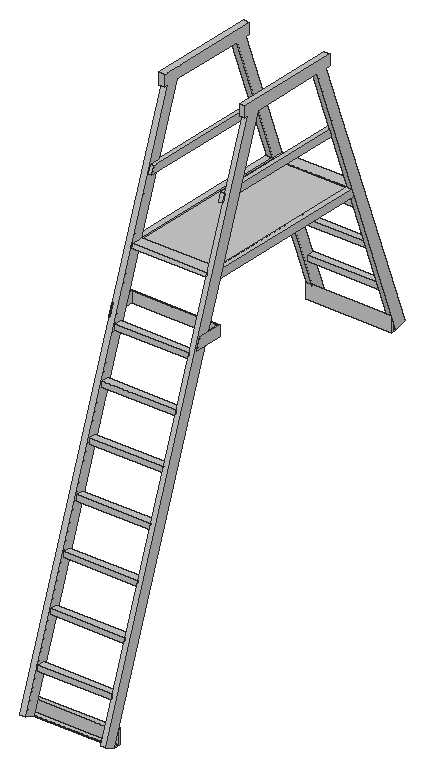
Revit family "Ladder_Mini-Access_FIXFAST_RL22", category Specialty Equipment, Revit 2026
Family settings
  Round Connector Dimension = Use Diameter
  Part Type = Normal
  Classification Number = 23.50.90.21
  Work Plane-Based = Yes
  Enable Cutting in Views = No
  Always vertical = No
  Cut with Voids When Loaded = No
  Maintain Annotation Orientation = No
  Shared = No
  Room Calculation Point = No
Parameters (values of type "RL21.53 Full Ladder")
  singlerungparapet [instance] = rungcountcontrolP < 2  # no
  rungcountcontrold [instance] = Ladder Length Beneath Landing - (rungcountcontrolb * Space Between Rungs)  # -0' - 5.58768"
  rungcountcontrolc [instance] = if(rungcountcontrold < 0' 0", rungcountcontrolb - 2, rungcountcontrol - 1)  # 7
  rungcountcontrolb [instance] = rungcountcontrol  # 9
  rungcountcontrolPd [instance] = Parapet Ladder Length Beneath Landing - (rungcountcontrolPb * Space Between Rungs)  # 0' - 2.60571"
  rungcountcontrolPc [instance] = if(rungcountcontrolPd < 0' 0", rungcountcontrolPb - 2, if(rungcountcontrolP < 2, 2, rungcountcontrolPb))  # 3
  rungcountcontrolPb [instance] = rungcountcontrolP  # 3
  rungcountcontrolP [instance] = Parapet Ladder Length Beneath Landing / Space Between Rungs  # 3.2171
  rungcountcontrol [instance] = Ladder Length Beneath Landing / Space Between Rungs  # 8.5344
  multirungparapet [instance] = not(rungcountcontrolP < 2)  # yes
  cutangle [instance] = 90.00° - Incline Angle  # 20.00°
  basewidthb [instance] = tan(90.00° - Incline Angle) * 0' 3"  # 0' - 1.09191"
  basewidth [instance] = sqrt((0' 3" ^ 2) + (basewidthb ^ 2))  # 0' - 3.19253"
  Warranty Duration (Years) = 0
  Walkway Finish [instance] = Metal - FIXFAST - Mill Aluminum Grating
  Platform Length Control [instance] = if([24in Platform Length], 1' 11 5/8" + 1' 4 5/8", if([48in Platform Length], 3' 11 1/4" + 1' 4 5/8", Ladder Depth from Wall Edge))  # 5' - 3 7/8"
  Parapet Ladder Length Beneath Landing [instance] = sqrt(((Unit Depth - Base Projection) ^ 2) + (Parapet Height ^ 2))  # 3' - 2.60571"
  Parapet Height [instance] = 3' - 0"
  Other Platform Length [instance] = no
  Maximum Size = "Heights up to 53 inches  (4' 5\")"
  Ladder Depth from Wall Edge [instance] = 9' - 0"
  Unit Width = 1' - 8 1/2"
  Unit Weight = 0
  Unit Height [instance] = 8' - 0"
  Unit Depth [instance] = (Height Above Landing - basewidth) / tan(Incline Angle) + Base Projection  # 4' - 1.61186"
  URL = "http://www.fixfastusa.com/"
  Standards Conformance = "OSHA  ;  ANSI"
  Specification = ""
  SpecWizard = ""
  Space Between Rungs = 1' - 0"  # constant formula
  Send Message = "http://www.arcat.com/users.pl?action=UserEmail&company=FIXFAST+USA&coid=48709&rep=114&fax=317-769-5560&mf="
  Sales Information = "http://www.fixfastusa.com/contact-us/"
  Rung Horizontal Spacing [instance] = Space Between Rungs / tan(Incline Angle)  # 0' - 4.36764"
  Revision = "R1_12-2013"
  Product Properties = ""
  Product Data = "http://www.arcat.com/arcatcos/cos48/arc48709.html"
  Overall Width = 1' - 11 1/2"
  Model = "RL21.53"
  Manufacturer Website = "http://www.fixfastusa.com/"
  Manufacturer Phone - Toll Free = ""
  Manufacturer Phone = "317-769-7710"
  Manufacturer Fax = "317-769-5560"
  Manufacturer Address = "6210 S. Indianapolis Rd.  Whitestown, IN 46075"
  Manufacturer = "FIXFAST USA"
  Maintenance Schedule (Months) = 0
  Ladder Length Beneath Landing [instance] = sqrt((Base Projection ^ 2) + (Unit Height ^ 2))  # 8' - 6.41232"
  Keynote = "05510"
  Installation-Fabrication = ""
  Installation Phase = ""
  Incline Angle [instance] = 70.00°
  Height Above Landing = 3' - 5 1/2"
  Green Building-LEED = ""
  Grabrail Height [instance] = 1' - 8"
  Grabrail Depth [instance] = 1' - 8"
  Fixture Finish [instance] = Metal - FIXFAST - Mill Aluminum
  Expected Lifespan (Years) = 0
  Drawn By = "Sumex Design, Inc. / Robert S. Weygant, CSI, CDT, SCIP"
  Description = "FIXFAST KATT Mini Access Vertical Ladder - Parapet Crossover Kit RL21.53"
  Default Elevation = 0' - 0"
  Copyright = "©Arcat Inc."
  Construction Details = ""
  Capacity = "330 lbs for High Frequency Usage"
  Base Projection [instance] = (Unit Height + 0' 2") / tan(Incline Angle)  # 2' - 11.66908"
  Assembly Code = "E1090900"
  48in Platform Length [instance] = yes
  24in Platform Length [instance] = no
Types (3): name | Maximum Size | Model | Description
  RL21.147 Full Ladder | "Heights up to 147 inches  (12' 3\")" | "RL21.147" | "FIXFAST KATT Mini Access Vertical Ladder - Parapet Crossover Kit RL21.147"
  RL21.100 Full Ladder | "Heights up to 100 inches  (8' 4\")" | "RL21.100" | "FIXFAST KATT Mini Access Vertical Ladder - Parapet Crossover Kit RL21.100"
  RL21.53 Full Ladder | "Heights up to 53 inches  (4' 5\")" | "RL21.53" | "FIXFAST KATT Mini Access Vertical Ladder - Parapet Crossover Kit RL21.53"
Reference planes (in)
  plane 1 "Wall Surface": y = 0
  plane 2 "Bottom": z = 0
  plane 3 "Center (Left/Right)": x = 0
  plane 4 "Back": y = 13.94278
  plane 5 "Left": x = -11.75
  plane 6 "Right": x = 11.75
  plane 7 "Top of Ladder": z = 137.5
  plane 8 "Landing": z = 96
  plane 9: y = -35.66908
  plane 10: z = 12
  plane 11: z = 24
  plane 12: y = -34.49397
  plane 13: y = -30.12633
  plane 14: y = -38.86162
  plane 15: z = 88
  plane 16: x = 12
  plane 17: x = -12
  plane 18: y = 63.875
  plane 19: z = 60
  plane 20: y = 60.68247
  plane 21: z = 72
  plane 22: z = 84
  plane 23: y = 59.50736
  plane 24: y = 55.13971
  plane 25: x = -10.25
  plane 26: x = 10.25
Forms (in)
  Sweep 1, solid, material "Metal - FIXFAST - Mill Aluminum" <- "Fixture Finish"
    path origin (0, -38.86162, 0) x (0, 0.34202, 0.939693) y (0, -0.939693, 0.34202)
      loop
        line (-9.10572, 0) -> (146.32444, 0)
    profile origin (0, -15.39583, 64.47171) x (0, -0.939693, 0.34202) y (1, 0, 0)
      loop
        line (0, 10.25) -> (0, 11.75) -> (-3, 11.75) -> (-3, 10.25) -> (0, 10.25)
      loop
        line (0, -10.25) -> (-3, -10.25) -> (-3, -11.75) -> (0, -11.75) -> (0, -10.25)
  Extrusion 2, void
    sketch origin (0, 0, 0) x (0, 1, 0) y (0, 0, 1)
      loop
        line (-31.66908, 0) -> (-35.66908, 0) -> (-47.66908, 4.36764) -> (-47.66908, -24) -> (-31.66908, -24) -> (-31.66908, 0)
    from -11.75 to 11.75
  Sweep 3, solid, material "Metal - FIXFAST - Mill Aluminum" <- "Fixture Finish"
    path origin (0, -4.10932, 0) x (1, 0, 0) y (0, 0, 1)
      loop
        line (-10.25, 12) -> (10.25, 12)
    profile origin (0, -4.10932, 12) x (0, 0, 1) y (0, -1, 0)
      loop
        line (0, 30.38465) -> (-1.5, 30.38465) -> (-1.5, 28.38465) -> (0, 28.38465) -> (0, 30.38465)
  Sweep 4, solid, material "Metal - FIXFAST - Mill Aluminum" <- "Fixture Finish"
    path origin (0, 0.25832, 12) x (1, 0, 0) y (0, 0, 1)
      loop
        line (-10.25, 12) -> (10.25, 12)
    profile origin (0, 0.25832, 24) x (0, 0, 1) y (0, -1, 0)
      loop
        line (0, 30.38465) -> (-1.5, 30.38465) -> (-1.5, 28.38465) -> (0, 28.38465) -> (0, 30.38465)
  Sweep 5, solid, material "Metal - FIXFAST - Mill Aluminum" <- "Fixture Finish"
    path origin (0, 4.62596, 24) x (1, 0, 0) y (0, 0, 1)
      loop
        line (-10.25, 12) -> (10.25, 12)
    profile origin (0, 4.62596, 36) x (0, 0, 1) y (0, -1, 0)
      loop
        line (0, 30.38465) -> (-1.5, 30.38465) -> (-1.5, 28.38465) -> (0, 28.38465) -> (0, 30.38465)
  Sweep 6, solid, material "Metal - FIXFAST - Mill Aluminum" <- "Fixture Finish"
    path origin (0, 8.99361, 36) x (1, 0, 0) y (0, 0, 1)
      loop
        line (-10.25, 12) -> (10.25, 12)
    profile origin (0, 8.99361, 48) x (0, 0, 1) y (0, -1, 0)
      loop
        line (0, 30.38465) -> (-1.5, 30.38465) -> (-1.5, 28.38465) -> (0, 28.38465) -> (0, 30.38465)
  Sweep 7, solid, material "Metal - FIXFAST - Mill Aluminum" <- "Fixture Finish"
    path origin (0, 13.36125, 48) x (1, 0, 0) y (0, 0, 1)
      loop
        line (-10.25, 12) -> (10.25, 12)
    profile origin (0, 13.36125, 60) x (0, 0, 1) y (0, -1, 0)
      loop
        line (0, 30.38465) -> (-1.5, 30.38465) -> (-1.5, 28.38465) -> (0, 28.38465) -> (0, 30.38465)
  Sweep 8, solid, material "Metal - FIXFAST - Mill Aluminum" <- "Fixture Finish"
    path origin (0, 17.72889, 60) x (1, 0, 0) y (0, 0, 1)
      loop
        line (-10.25, 12) -> (10.25, 12)
    profile origin (0, 17.72889, 72) x (0, 0, 1) y (0, -1, 0)
      loop
        line (0, 30.38465) -> (-1.5, 30.38465) -> (-1.5, 28.38465) -> (0, 28.38465) -> (0, 30.38465)
  Sweep 9, solid, material "Metal - FIXFAST - Mill Aluminum" <- "Fixture Finish"
    path origin (0, 22.09654, 72) x (1, 0, 0) y (0, 0, 1)
      loop
        line (-10.25, 12) -> (10.25, 12)
    profile origin (0, 22.09654, 84) x (0, 0, 1) y (0, -1, 0)
      loop
        line (0, 30.38465) -> (-1.5, 30.38465) -> (-1.5, 28.38465) -> (0, 28.38465) -> (0, 30.38465)
  Extrusion 10, solid, material "Metal - FIXFAST - Mill Aluminum" <- "Fixture Finish"
    sketch origin (0, 0, 0) x (0, 1, 0) y (0, 0, 1)
      loop
        line (0, 88) -> (-6.83224, 88) -> (-7.92415, 85) -> (0, 85) -> (0, 88)
    from -12 to 12
  Extrusion 11, void
    sketch origin (0, 0, 0) x (0, 1, 0) y (0, 0, 1)
      loop
        line (-0.25, 88) -> (-6.83224, 88) -> (-7.92415, 85) -> (-0.25, 85) -> (-0.25, 88)
    from -11.75 to 11.75
  Extrusion 12, solid, material "Metal - FIXFAST - Mill Aluminum" <- "Fixture Finish"
    sketch origin (0, 0, 0) x (0, 1, 0) y (0, 0, 1)
      loop
        line (-35.66908, 0) -> (-34.16908, 0) -> (-34.16908, 4.12122) -> (-34.41908, 3.43435) -> (-34.41908, 0.25) -> (-35.66908, 0.25) -> (-35.66908, 0)
    from -12 to 12
  Sweep 13, solid, material "Metal - FIXFAST - Mill Aluminum" <- "Fixture Finish"
    path origin (0, 0, 0) x (0, 1, 0) y (0, 0, 1)
      loop
        line (35.66731, 137.5) -> (67.03965, 51.30518)
    profile origin (0, 51.35348, 94.40259) x (0, 0.939693, 0.34202) y (1, 0, 0)
      loop
        line (0, -11.75) -> (0, -10.25) -> (-3, -10.25) -> (-3, -11.75) -> (0, -11.75)
      loop
        line (0, 11.75) -> (-3, 11.75) -> (-3, 10.25) -> (0, 10.25) -> (0, 11.75)
  Extrusion 14, void
    sketch origin (0, 0, 0) x (0, 1, 0) y (0, 0, 1)
      loop
        line (60.68247, 60) -> (55.68247, 60) -> (55.68247, 36) -> (79.875, 36) -> (79.875, 66.98551) -> (60.68247, 60)
    from -11.75 to 11.75
  Extrusion 15, solid, material "Metal - FIXFAST - Mill Aluminum" <- "Fixture Finish"
    sketch origin (11.75, 16.34522, 48) x (0, 1, 0) y (0, 0, 1)
      loop
        line (-7.41093, 89.5) -> (-7.41093, 86.5) -> (21.57209, 86.5) -> (21.57209, 89.5) -> (-7.41093, 89.5)
    from 0 to -1.5
  Extrusion 16, solid, material "Metal - FIXFAST - Mill Aluminum" <- "Fixture Finish"
    sketch origin (-11.75, 16.34522, 48) x (0, 1, 0) y (0, 0, 1)
      loop
        line (-7.41093, 89.5) -> (-7.41093, 86.5) -> (21.57209, 86.5) -> (21.57209, 89.5) -> (-7.41093, 89.5)
    from 0 to 1.5
  Extrusion 17, solid, material "Metal - FIXFAST - Mill Aluminum" <- "Fixture Finish"
    sketch origin (11.75, 16.34522, 48) x (0, 1, 0) y (0, 0, 1)
      loop
        line (-13.07728, 67.75) -> (27.23844, 67.75) -> (26.5105, 69.75) -> (-12.34934, 69.75) -> (-13.07728, 67.75)
    from -1.5 to -2.5
  Extrusion 18, solid, material "Metal - FIXFAST - Mill Aluminum" <- "Fixture Finish"
    sketch origin (-11.75, 16.34522, 48) x (0, 1, 0) y (0, 0, 1)
      loop
        line (-13.07728, 67.75) -> (27.23844, 67.75) -> (26.5105, 69.75) -> (-12.34934, 69.75) -> (-13.07728, 67.75)
    from 1.5 to 2.5
  Extrusion 19, solid, material "Metal - FIXFAST - Mill Aluminum" <- "Fixture Finish"
    sketch origin (0, 0, 0) x (0, 1, 0) y (0, 0, 1)
      loop
        line (0.36397, 99) -> (1.09191, 101) -> (-2.10062, 101) -> (-2.44264, 100.06031) -> (-0.44264, 100.06031) -> (-0.44264, 99) -> (0.36397, 99)
      loop
        line (46.48763, 99) -> (47.29424, 99) -> (47.29424, 100.06031) -> (49.29424, 100.06031) -> (48.95222, 101) -> (45.75969, 101) -> (46.48763, 99)
    from -10.25 to 10.25
  Extrusion 20, solid, material "Metal - FIXFAST - Mill Aluminum" <- "Fixture Finish"
    sketch origin (0, 0, 0) x (0, 1, 0) y (0, 0, 1)
      loop
        line (1.09191, 101) -> (0.36397, 99) -> (46.48763, 99) -> (45.75969, 101) -> (1.09191, 101)
    from 10.25 to 11.75
  Extrusion 21, solid, material "Metal - FIXFAST - Mill Aluminum" <- "Fixture Finish"
    sketch origin (-10.25, -180, 89.48381) x (0, 0, 1) y (0, -1, 0)
      loop
        line (11.51619, -181.09191) -> (9.51619, -180.36397) -> (9.51619, -226.48763) -> (11.51619, -225.75969) -> (11.51619, -181.09191)
    from -1.5 to 0
  Extrusion 22, solid, material "Metal - FIXFAST - Mill Aluminum Grating" <- "Walkway Finish"
    sketch origin (0, 0, 0) x (0, 1, 0) y (0, 0, 1)
      loop
        line (0.63695, 99.75) -> (46.21465, 99.75) -> (45.85068, 100.75) -> (1.00092, 100.75) -> (0.63695, 99.75)
    from -10.25 to 10.25
  Sweep 23, solid, material "Metal - FIXFAST - Mill Aluminum" <- "Fixture Finish", visible <- "multirungparapet"
    path origin (0, 87.89201, 60) x (1, 0, 0) y (0, 0, 1)
      loop
        line (-10.25, 12) -> (10.25, 12)
    profile origin (0, 87.89201, 72) x (0, 0, 1) y (0, -1, 0)
      loop
        line (0, 30.38465) -> (-1.5, 30.38465) -> (-1.5, 28.38465) -> (0, 28.38465) -> (0, 30.38465)
  Sweep 24, solid, material "Metal - FIXFAST - Mill Aluminum" <- "Fixture Finish", visible <- "multirungparapet"
    path origin (0, 83.52437, 72) x (1, 0, 0) y (0, 0, 1)
      loop
        line (-10.25, 12) -> (10.25, 12)
    profile origin (0, 83.52437, 84) x (0, 0, 1) y (0, -1, 0)
      loop
        line (0, 30.38465) -> (-1.5, 30.38465) -> (-1.5, 28.38465) -> (0, 28.38465) -> (0, 30.38465)
  Sweep 25, solid, material "Metal - FIXFAST - Mill Aluminum" <- "Fixture Finish", visible <- "multirungparapet"
    path origin (0, 79.15672, 84) x (1, 0, 0) y (0, 0, 1)
      loop
        line (-10.25, 12) -> (10.25, 12)
    profile origin (0, 79.15672, 96) x (0, 0, 1) y (0, -1, 0)
      loop
        line (0, 30.38465) -> (-1.5, 30.38465) -> (-1.5, 28.38465) -> (0, 28.38465) -> (0, 30.38465)
  Sweep 26, solid, material "Metal - FIXFAST - Mill Aluminum" <- "Fixture Finish", visible <- "singlerungparapet"
    path origin (0, 132.01701, 60) x (1, 0, 0) y (0, 0, 1)
      loop
        line (-10.25, 12) -> (10.25, 12)
    profile origin (0, 132.01701, 72) x (0, 0, 1) y (0, -1, 0)
      loop
        line (0, 74.50965) -> (-1.5, 74.50965) -> (-1.5, 72.50965) -> (0, 72.50965) -> (0, 74.50965)
  Extrusion 27, solid, material "Metal - FIXFAST - Mill Aluminum" <- "Fixture Finish"
    sketch origin (0, 0, 0) x (0, 1, 0) y (0, 0, 1)
      loop
        line (60.68247, 60) -> (60.68247, 60.25) -> (59.43247, 60.25) -> (59.43247, 63.43435) -> (59.18247, 64.12122) -> (59.18247, 60) -> (60.68247, 60)
    from -11.75 to 11.75
Cuts and joins
  Extrusion 2 cuts Sweep 1
  Extrusion 14 cuts Sweep 13
  joined: Sweep 1, Sweep 13, Extrusion 15, Extrusion 16
  Extrusion 11 cuts Extrusion 10
Lines and regions (in)
  reference lines
    curve 1: line (0, 14.37682, 137.5) -> (0, -35.66908, 0)
    curve 2: line (0, -38.86162, 0) -> (0, 11.18429, 137.5)
    curve 3: line (0, 63.875, 60) -> (0, 35.66731, 137.5)
    curve 4: line (0, 60.68247, 60) -> (0, 32.47477, 137.5)
Dimensions and locks (in)
  equal spacing: plane 5 "Left", plane 3 "Center (Left/Right)", plane 6 "Right"
  "Overall Width": plane 5 "Left" to plane 6 "Right"
  "Unit Height": plane 8 "Landing" to level
  "Height Above Landing": plane 7 "Top of Ladder" to plane 8 "Landing"
  locked: Sweep 1 sketch curve to plane 6 "Right" at 0
  locked: plane 5 "Left" to Sweep 1 sketch curve at 0
  locked: Sweep 1 sketch curve to Sweep 1 sketch curve at 3  (x2)
  locked: level to Extrusion 2 sketch curve at 24
  locked: Extrusion 2 sketch curve to plane 9 at 12
  locked: plane 5 "Left" to Sweep 1 sketch curve at 1.5
  locked: Sweep 1 sketch curve to plane 6 "Right" at 1.5
  locked: Sweep 1 sketch curve to plane 14 at 3.11434
  "Space Between Rungs": plane 10 to level
  "Space Between Rungs": plane 11 to plane 10
  "Rung Horizontal Spacing": plane 14 to plane 12
  "Rung Horizontal Spacing": plane 12 to plane 13
  "Unit Width": Sweep 3 sketch curve to Sweep 3 sketch curve
  "Unit Width": Sweep 4 sketch curve to Sweep 4 sketch curve
  equal spacing: group 1, group 2, group 3, group 4, group 5, group 6, group 7  (x3)
  "Unit Width": Sweep 5 sketch curve to Sweep 5 sketch curve
  "Unit Width": Sweep 6 sketch curve to Sweep 6 sketch curve
  "Unit Width": Sweep 7 sketch curve to Sweep 7 sketch curve
  "Unit Width": Sweep 8 sketch curve to Sweep 8 sketch curve
  "Unit Width": Sweep 9 sketch curve to Sweep 9 sketch curve
  "Base Projection": plane 9 to plane 1 "Wall Surface"
  "Unit Depth": plane 9 to plane 4 "Back"
  "basewidth": plane 14 to plane 9
  locked: curve 2 to curve 1 at 3
  locked: plane 8 "Landing" to plane 15 at 8
  locked: plane 15 to Extrusion 10 sketch curve at 3
  locked: plane 5 "Left" to plane 17 at 0.25
  locked: plane 16 to plane 6 "Right" at 0.25
  locked: Extrusion 11 sketch curve to plane 1 "Wall Surface" at 0.25
  locked: plane 15 to Extrusion 11 sketch curve at 3
  "Platform Length Control": plane 1 "Wall Surface" to plane 18
  "Parapet Height": plane 8 "Landing" to plane 19
  "basewidth": plane 20 to plane 18
  locked: curve 3 to curve 4 at 3
  locked: plane 18 to Sweep 13 sketch curve at 3.16465
  plane 5 "Left" to Sweep 13 sketch curve to Sweep 13 sketch curve = 0' - 0" locked, 0' - 1 1/2" locked
  Sweep 13 sketch curve to plane 6 "Right" to Sweep 13 sketch curve = 0' - 1 1/2" locked, 0' - 0" locked
  locked: Extrusion 14 sketch curve to plane 20 at 5
  locked: plane 18 to Extrusion 14 sketch curve at 16
  locked: plane 19 to Extrusion 14 sketch curve at 24
  locked: curve 3 to Extrusion 15 sketch curve at 2.25
  locked: Extrusion 15 sketch curve to curve 2 at 2.25
  locked: plane 7 "Top of Ladder" to Extrusion 15 sketch curve at 3
  locked: curve 3 to Extrusion 16 sketch curve at 2.25
  locked: Extrusion 16 sketch curve to curve 2 at 2.25
  locked: plane 7 "Top of Ladder" to Extrusion 16 sketch curve at 3
  Extrusion 17 sketch curve to Extrusion 17 sketch curve to plane 8 "Landing" = 0' - 2" locked, 1' - 7 3/4" locked
  locked: Extrusion 18 sketch curve to Extrusion 18 sketch curve at 2
  locked: Extrusion 18 sketch curve to plane 8 "Landing" at 19.75
  "Space Between Rungs": plane 21 to plane 19
  "Space Between Rungs": plane 22 to plane 21
  "Rung Horizontal Spacing": plane 23 to plane 18
  "Rung Horizontal Spacing": plane 24 to plane 23
  Extrusion 19 sketch curve to Extrusion 19 sketch curve to Extrusion 19 sketch curve to plane 8 "Landing" = 0' - 0.93969" locked, 0' - 1.06031" locked, 0' - 3" locked  (x2)
  locked: plane 25 to plane 5 "Left" at 1.5
  locked: plane 6 "Right" to plane 26 at 1.5
  Extrusion 20 sketch curve to Extrusion 20 sketch curve to plane 8 "Landing" = 0' - 2" locked, 0' - 3" locked
  locked: Extrusion 21 sketch curve to Extrusion 21 sketch curve at 2
  locked: Extrusion 19 sketch curve to Extrusion 19 sketch curve at 1.65798  (x2)
  Extrusion 22 sketch curve to Extrusion 22 sketch curve to plane 8 "Landing" = 0' - 1" locked, 0' - 3 3/4" locked
  "Unit Width": Sweep 23 sketch curve to Sweep 23 sketch curve
  "Unit Width": Sweep 24 sketch curve to Sweep 24 sketch curve
  equal spacing: group 8, group 9, group 10  (x2)
  equal spacing: group 10, group 9, group 8
  "Unit Width": Sweep 25 sketch curve to Sweep 25 sketch curve
  "Unit Width": Sweep 26 sketch curve to Sweep 26 sketch curve
  locked: plane 21 to Sweep 26 sketch curve at 1.5
  locked: Sweep 26 sketch curve to plane 23 at 2
  plane 9 to Extrusion 12 sketch curve to Extrusion 12 sketch curve = 0' - 1 1/4" locked, 0' - 0 1/4" locked
  locked: Extrusion 12 sketch curve to level at 0.25
  locked: Extrusion 27 sketch curve to plane 19 at 0.25
  Extrusion 27 sketch curve to Extrusion 27 sketch curve to plane 20 = 0' - 0 1/4" locked, 0' - 1 1/4" locked
  "Incline Angle": angle level to curve 2
  "Incline Angle": angle level to curve 1
  "Incline Angle": angle curve 3 to plane 19
  "Incline Angle": angle curve 4 to plane 19
  "cutangle": angle Extrusion 2 sketch curve to Extrusion 2 sketch curve
  "cutangle": angle plane 19 to Extrusion 14 sketch curve
  aligned and locked: Extrusion 2 to plane 5 "Left"
  aligned and locked: Extrusion 2 to plane 6 "Right"
  aligned and locked: plane 7 "Top of Ladder" to curve 1
  aligned and locked: Sweep 1 sketch curve to curve 2
  aligned and locked: plane 7 "Top of Ladder" to Sweep 1 sketch curve
  aligned and locked: Sweep 4 to plane 13
  aligned and locked: plane 11 to Sweep 4
  aligned and locked: Sweep 3 to plane 12
  aligned and locked: plane 10 to Sweep 3
  aligned and locked: level to curve 2
  aligned and locked: plane 14 to curve 2
  aligned and locked: plane 7 "Top of Ladder" to curve 2
  aligned and locked: curve 2 to Extrusion 10 sketch curve
  aligned and locked: Extrusion 10 sketch curve to plane 15
  aligned and locked: plane 1 "Wall Surface" to Extrusion 10 sketch curve
  aligned and locked: plane 16 to Extrusion 10
  aligned and locked: Extrusion 10 to plane 17
  aligned and locked: Extrusion 11 sketch curve to curve 2
  aligned and locked: plane 6 "Right" to Extrusion 11
  aligned and locked: Extrusion 11 to plane 5 "Left"
  aligned and locked: plane 15 to Extrusion 11 sketch curve
  aligned and locked: Extrusion 12 to plane 16
  aligned and locked: plane 17 to Extrusion 12
  aligned and locked: plane 18 to curve 3
  aligned and locked: plane 7 "Top of Ladder" to curve 3
  aligned and locked: plane 7 "Top of Ladder" to curve 4
  aligned and locked: plane 19 to curve 4
  aligned and locked: plane 7 "Top of Ladder" to Sweep 13 sketch curve
  aligned and locked: Sweep 13 sketch curve to curve 3
  aligned and locked: plane 19 to Extrusion 14 sketch curve
  aligned and locked: plane 6 "Right" to Extrusion 14
  aligned and locked: Extrusion 14 to plane 5 "Left"
  aligned and locked: Extrusion 15 sketch curve to plane 7 "Top of Ladder"
  aligned and locked: Extrusion 16 sketch curve to plane 7 "Top of Ladder"
  aligned and locked: Extrusion 17 sketch curve to curve 2
  aligned and locked: Extrusion 17 sketch curve to curve 3
  aligned and locked: Extrusion 18 sketch curve to curve 2
  aligned and locked: Extrusion 18 sketch curve to curve 3
  aligned and locked: Extrusion 19 sketch curve to curve 3
  aligned and locked: plane 26 to Extrusion 19
  aligned and locked: Extrusion 19 to plane 25
  aligned and locked: Extrusion 20 sketch curve to curve 4
  aligned and locked: curve 1 to Extrusion 20 sketch curve
  aligned and locked: plane 6 "Right" to Extrusion 20
  aligned and locked: Extrusion 20 to plane 26
  aligned and locked: Extrusion 21 to plane 5 "Left"
  aligned and locked: plane 25 to Extrusion 21
  aligned and locked: Extrusion 19 sketch curve to curve 1
  aligned and locked: curve 4 to Extrusion 19 sketch curve
  aligned and locked: curve 1 to Extrusion 22 sketch curve
  aligned and locked: Extrusion 22 sketch curve to curve 4
  aligned and locked: plane 26 to Extrusion 22
  aligned and locked: Extrusion 22 to plane 25
  aligned and locked: plane 24 to Sweep 24
  aligned and locked: plane 22 to Sweep 24
  aligned and locked: plane 23 to Sweep 23
  aligned and locked: plane 21 to Sweep 23
  aligned and locked: plane 19 to curve 3
  aligned and locked: plane 23 to Sweep 26 sketch curve
  aligned and locked: plane 21 to Sweep 26 sketch curve
  aligned and locked: plane 6 "Right" to Extrusion 27
  aligned and locked: Extrusion 27 to plane 5 "Left"
  aligned and locked: curve 1 to Extrusion 12 sketch curve
  aligned and locked: Extrusion 12 sketch curve to plane 9
  aligned and locked: plane 20 to Extrusion 27 sketch curve
  aligned and locked: Extrusion 27 sketch curve to curve 4
Automatic sketch dimensions
  profile plane to Sweep 3 sketch curve = 0' - 0"
  Sweep 3 sketch curve to Sweep 3 sketch curve = 0' - 1 1/2"
  Sweep 3 sketch curve to Sweep 3 sketch curve = 0' - 2"
  profile plane to Sweep 3 sketch curve = 2' - 4.38465"
  profile plane to Sweep 4 sketch curve = 0' - 0"
  Sweep 4 sketch curve to Sweep 4 sketch curve = 0' - 1 1/2"
  Sweep 4 sketch curve to Sweep 4 sketch curve = 0' - 2"
  profile plane to Sweep 4 sketch curve = 2' - 4.38465"
  profile plane to Sweep 5 sketch curve = 0' - 0"
  Sweep 5 sketch curve to Sweep 5 sketch curve = 0' - 1 1/2"
  Sweep 5 sketch curve to Sweep 5 sketch curve = 0' - 2"
  profile plane to Sweep 5 sketch curve = 2' - 4.38465"
  profile plane to Sweep 6 sketch curve = 0' - 0"
  Sweep 6 sketch curve to Sweep 6 sketch curve = 0' - 1 1/2"
  Sweep 6 sketch curve to Sweep 6 sketch curve = 0' - 2"
  profile plane to Sweep 6 sketch curve = 2' - 4.38465"
  profile plane to Sweep 7 sketch curve = 0' - 0"
  Sweep 7 sketch curve to Sweep 7 sketch curve = 0' - 1 1/2"
  Sweep 7 sketch curve to Sweep 7 sketch curve = 0' - 2"
  profile plane to Sweep 7 sketch curve = 2' - 4.38465"
  profile plane to Sweep 8 sketch curve = 0' - 0"
  Sweep 8 sketch curve to Sweep 8 sketch curve = 0' - 1 1/2"
  Sweep 8 sketch curve to Sweep 8 sketch curve = 0' - 2"
  profile plane to Sweep 8 sketch curve = 2' - 4.38465"
  profile plane to Sweep 9 sketch curve = 0' - 0"
  Sweep 9 sketch curve to Sweep 9 sketch curve = 0' - 1 1/2"
  Sweep 9 sketch curve to Sweep 9 sketch curve = 0' - 2"
  profile plane to Sweep 9 sketch curve = 2' - 4.38465"
  Sweep 1 sketch curve to profile plane = 0' - 0"  (x2)
  Sweep 13 sketch curve to profile plane = 0' - 0"  (x2)
  Sweep 13 sketch curve to Sweep 13 sketch curve = 0' - 3"  (x2)
  Extrusion 21 sketch curve to plane 1 "Wall Surface" = 0' - 0.36397"
  plane 8 "Landing" to Extrusion 21 sketch curve = 0' - 3"
  Extrusion 21 sketch curve to plane 1 "Wall Surface" = 0' - 1.09191"
  Extrusion 21 sketch curve to plane 24 = 0' - 9.38003"
  Extrusion 21 sketch curve to Extrusion 21 sketch curve = 0' - 0.72794"
  plane 1 "Wall Surface" to Extrusion 19 sketch curve = 0' - 0.44264"
  Extrusion 19 sketch curve to Extrusion 19 sketch curve = 0' - 0.34202"
  profile plane to Sweep 23 sketch curve = 0' - 0"
  Sweep 23 sketch curve to Sweep 23 sketch curve = 0' - 1 1/2"
  Sweep 23 sketch curve to Sweep 23 sketch curve = 0' - 2"
  profile plane to Sweep 23 sketch curve = 2' - 4.38465"
  profile plane to Sweep 24 sketch curve = 0' - 0"
  Sweep 24 sketch curve to Sweep 24 sketch curve = 0' - 1 1/2"
  Sweep 24 sketch curve to Sweep 24 sketch curve = 0' - 2"
  profile plane to Sweep 24 sketch curve = 2' - 4.38465"
  profile plane to Sweep 25 sketch curve = 0' - 0"
  Sweep 25 sketch curve to Sweep 25 sketch curve = 0' - 1 1/2"
  Sweep 25 sketch curve to Sweep 25 sketch curve = 0' - 2"
  profile plane to Sweep 25 sketch curve = 2' - 4.38465"
  Sweep 26 sketch curve to plane 21 = 0' - 0"
  Sweep 26 sketch curve to plane 25 = 0' - 0"
  Extrusion 2 sketch curve to plane 9 = 0' - 0"
  Extrusion 2 sketch curve to level = 0' - 0"
  Extrusion 2 sketch curve to plane 13 = 0' - 1.54275"
  Extrusion 12 sketch curve to level = 0' - 0"
  Extrusion 27 sketch curve to plane 19 = 0' - 0"
  Extrusion 14 sketch curve to plane 20 = 0' - 0"
